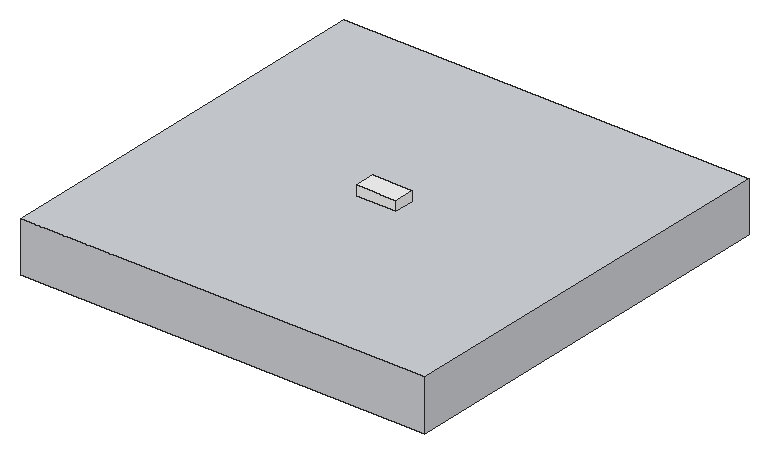
Revit family "URA_Eclairage_de_Securite_URALIFE", category Luminaires, Revit 2020
Family settings
  Hôte = Face
  Cote de connecteur circulaire = Utiliser le diamètre
  Type d'élément = Normal
  Couper avec des vides une fois chargée = Non
  Source d'éclairage = Oui
  Partagée = Non
  Point de calcul de pièce = Non
Parameters (values of type "BAES + DBR URALIFE ADR")
  built-in parameter 1150107 = 3000 (stored number, unit not read)
  TYPE_DE_TENSION = "CA"
  TYPE_DE_MONTAGE = "pose murale en saillie"
  TYPE_DE_COMMUTATION = "mode veille"
  TENSION_NOMINALE_(MIN) = "207"
  TENSION_NOMINALE_(MAX) = "253"
  SOURCE_LUMINEUSE = "LED non interchangeable"
  RESERVE_DE_MARCHE = "1"
  REF_BATTERIE_DE_RECHANGE = "111901"
  REFERENCE_PRE-PLAQUE [instance] = if(PRE PLAQUE BAES & LSC URALIFE, 168801, 0)  # 168801
  REFERENCE_PICTOGRAMME [instance] = if(PORTE PICTROGRAMME URALIFE, 168200, 0)  # 168200
  REFERENCE_GRILLE [instance] = if(NOMBRE_GRILLE = 1, if(GRILLE BAES & LSC URALIFE, 168001, if(GRILLE POUR BAES ET LSC EVACUATION, 168002, if(GRILLE POUR BAES ET LSC, 168003, 168004))), 0)  # 168001
  REFERENCE_EQUERRE [instance] = if(EQUERRE MURALE URALIFE, 168201, 0)  # 168201
  REFERENCE_ARTICLE = 118259
  Wattage = 9.2903 W
  built-in parameter 1150110 = 1 (stored number, unit not read)
  built-in parameter 1150109 = 1 (stored number, unit not read)
  built-in parameter 1114218 = 1 (stored number, unit not read)
  built-in parameter 1150113 = 1 (stored number, unit not read)
  built-in parameter 1150112 = 1 (stored number, unit not read)
  PUISSANCE_DE_LA_LAMPE = "1"
  PROFONDEUR_D'ENCASTREMENT = ""
  PRE PLAQUE BAES & LSC URALIFE [instance] = yes
  PORTE PICTROGRAMME URALIFE [instance] = yes
  NOMBRE_GRILLE [instance] = if(GRILLE BAES & LSC URALIFE, 1, 0) + if(GRILLE POUR BAES ET LSC EVACUATION, 1, 0) + if(GRILLE POUR BAES ET LSC, 1, 0) + if(GRILLE IK BAES & LSC URALIFE, 1, 0)  # 1
  built-in parameter 1150137 = (empty or 0)
  built-in parameter 1150132 = 2
  MATERIAU_DU_COUVERCLE = "plastique transparent"
  MATERIAU_DU_BOITIER = "plastique"
  Longueur = 239 mm
  LONGUEUR_D'ENCASTREMENT = ""
  LONGUEUR = "239.14"
  LARGEUR_DE_MONTAGE = ""
  LARGEUR = "117.9"
  built-in parameter 1150105 = 109.82 (stored number, unit not read)
  built-in parameter 1150102 = (empty or 0)
  INSTALLATION_DE_SURVEILLANCE = "auto-test automatique"
  HAUTEUR/PROFONDEUR = "55.5"
  Dimming Lamp Color Temperature Shift = (empty or 0)
  GRILLE POUR BAES ET LSC EVACUATION [instance] = no
  GRILLE POUR BAES ET LSC [instance] = no
  GRILLE IK BAES & LSC URALIFE [instance] = no
  GRILLE BAES & LSC URALIFE [instance] = yes
  Lumens = 1380 lm
  Color Filter = 16777215
  Fichier de distribution photométrique = "generic"
  built-in parameter 1114217 = 1 (stored number, unit not read)
  built-in parameter 1150139 = (empty or 0)
  FORMAT_PRODUIT = "rectangle"
  FONCTION = "DBR"
  FLUX_LUMINEUX_EN_MODE_D'URGENCE = "45"
  FLUX_LUMINEUX_EFFICACE = ""
  Default Elevation = 1219.2 mm
  built-in parameter 1150104 = 13.8 (stored number, unit not read)
  built-in parameter 1150106 = 1.0982 (stored number, unit not read)
  ETAT_DES_ACCUS = "NiCd"
  EQUERRE MURALE URALIFE [instance] = yes
  built-in parameter 1150115 = 1 (stored number, unit not read)
  built-in parameter 1150114 = 1 (stored number, unit not read)
  DUREE_DE_GARANTIE_BAES_COMPLET = "4"
  DISTANCE_DE_RECONNAISSANCE = "15"
  DIAMETRE_EXTERNE = ""
  DIAMETRE_D'ENCASTREMENT = ""
  DESIGNATION_PRE-PLAQUE [instance] = if([REFERENCE_PRE-PLAQUE] > 0, "PRE-PLAQUE BAES & LSC URALIFE", "NON REFERENCEE")  # "PRE-PLAQUE BAES & LSC URALIFE"
  DESIGNATION_PICTOGRAMME [instance] = if(PORTE PICTROGRAMME URALIFE, "PORTE PICTROGRAMME URALIFE", "0")  # "PORTE PICTROGRAMME URALIFE"
  DESIGNATION_GRILLE [instance] = if(NOMBRE_GRILLE = 1, if(GRILLE BAES & LSC URALIFE, "GRILLE BAES & LSC URALIFE", if(GRILLE POUR BAES ET LSC EVACUATION, "GRILLE POUR BAES ET LSC EVACUATION", if(GRILLE POUR BAES ET LSC, "GRILLE POUR BAES ET LSC", "GRILLE IK BAES & LSC URALIFE"))), "0")  # "GRILLE BAES & LSC URALIFE"
  DESIGNATION_EQUERRE [instance] = if(REFERENCE_EQUERRE > 0, "EQUERRE MURALE URALIFE", "NON REFERENCEE")  # "EQUERRE MURALE URALIFE"
  DESIGNATION_ARTICLE = "BAES + DBR URALIFE ADR"
  built-in parameter 1150138 = (empty or 0)
  built-in parameter 1150134 = (empty or 0)
  Condition Générale d'Utilisation = "https://export.legrand.com/CGU-objets-BIM"
  COULEUR_DU_BOITIER = "blanc"
  CLASSE_DE_PROTECTION_(IP) = "IP43"
  CLASSE_DE_PROTECTION = "II"
  CATEGORIE_PRODUIT = "Autonome"
  built-in parameter 1150142 = (empty or 0)
  Angle de l'inclinaison = 60.00°
  ALIMENTATION = "décentralisé (batterie individuelle)"
  ADAPTE_AU_TYPE_DE_MARQUAGE = "feuillet/plaque inséré(e)"
  built-in parameter 1150133 = 10 (stored number, unit not read)
Types (15, lengths in mm): name | TYPE_DE_TENSION | TYPE_DE_COMMUTATION | TENSION_NOMINALE_(MIN) | TENSION_NOMINALE_(MAX) | RESERVE_DE_MARCHE | REF_BATTERIE_DE_RECHANGE | REFERENCE_ARTICLE | PUISSANCE_DE_LA_LAMPE | Longueur | LONGUEUR | LARGEUR | HAUTEUR/PROFONDEUR | FONCTION | FLUX_LUMINEUX_EN_MODE_D'URGENCE | ETAT_DES_ACCUS | DUREE_DE_GARANTIE_BAES_COMPLET | DESIGNATION_ARTICLE | CATEGORIE_PRODUIT | ALIMENTATION | ADAPTE_AU_TYPE_DE_MARQUAGE
  BAEH URALIFE S.SATI | "CA" | "mode veille" | "207" | "253" | "5" | "111901" | 118138 | "0.04" | 239 | "239.14" | "117.9" | "55.5" | "BAEH" | "8" | "NiCd" | "4" | "BAEH URALIFE S.SATI" | "Autonome" | "décentralisé (batterie individuelle)" | "feuillet/plaque inséré(e)"
  BAEH URALIFE ADR | "CA" | "mode veille" | "207" | "253" | "5" | "111901" | 118139 | "0.04" | 239 | "239.14" | "117.9" | "55.5" | "BAEH" | "8" | "NiCd" | "4" | "BAEH URALIFE ADR" | "Autonome" | "décentralisé (batterie individuelle)" | "feuillet/plaque inséré(e)"
  BAES URALIFE EVAC S.SATI | "CA" | "mode veille" | "207" | "253" | "1" | "111901" | 118218 | "0.6" | 239 | "239.14" | "117.9" | "55.5" | "Evac" | "45" | "NiCd" | "4" | "BAES URALIFE EVAC S.SATI" | "Autonome" | "décentralisé (batterie individuelle)" | "feuillet/plaque inséré(e)"
  BAES URALIFE EVAC ADR | "CA" | "mode veille" | "207" | "253" | "1" | "111901" | 118219 | "0.6" | 239 | "239.14" | "117.9" | "55.5" | "Evac" | "45" | "NiCd" | "4" | "BAES URALIFE EVAC ADR" | "Autonome" | "décentralisé (batterie individuelle)" | "feuillet/plaque inséré(e)"
  BAES URALIFE AMB S.SATI | "CA" | "mode veille" | "207" | "253" | "1" | "2*111902" | 118228 | "4" | 289 | "289.05" | "118.25" | "58.5" | "Amb" | "400" | "NiCd" | "4" | "BAES URALIFE AMB S.SATI" | "Autonome" | "décentralisé (batterie individuelle)" | ""
  BAES URALIFE AMB ADR | "CA" | "mode veille" | "207" | "253" | "1" | "2*111902" | 118229 | "6.6" | 289 | "289.05" | "118.25" | "58.5" | "Amb" | "400" | "NiCd" | "4" | "BAES URALIFE AMB ADR" | "Autonome" | "décentralisé (batterie individuelle)" | ""
  BAES AMB PERMANENT SATI ADR | "CA" | "mode veille" | "207" | "253" | "1" | "2*111902" | 118239 | "6" | 239 | "261.2" | "164.5" | "57" | "Amb" | "450" | "NiCd" | "2" | "BAES AMB PERMANENT SATI ADR" | "Autonome" | "décentralisé (batterie individuelle)" | ""
  BAES + BAEH URALIFE S.SATI | "CA" | "mode veille" | "207" | "253" | "1" | "2*111901" | 118248 | "0.8" | 239 | "239.14" | "117.9" | "55.5" | "BAES+BAEH" | "45" | "NiCd" | "4" | "BAES + BAEH URALIFE S.SATI" | "Autonome" | "décentralisé (batterie individuelle)" | "feuillet/plaque inséré(e)"
  BAES + BAEH URALIFE ADR | "CA" | "mode veille" | "207" | "253" | "1" | "2*111901" | 118249 | "0.8" | 239 | "239.14" | "117.9" | "55.5" | "BAES+BAEH" | "45" | "NiCd" | "4" | "BAES + BAEH URALIFE ADR" | "Autonome" | "décentralisé (batterie individuelle)" | "feuillet/plaque inséré(e)"
  BAES + DBR URALIFE SATI | "CA" | "mode veille" | "207" | "253" | "1" | "111901" | 118257 | "1" | 239 | "239.14" | "117.9" | "55.5" | "DBR" | "45" | "NiCd" | "4" | "BAES + DBR URALIFE SATI" | "Autonome" | "décentralisé (batterie individuelle)" | "feuillet/plaque inséré(e)"
  BAES + DBR URALIFE ADR | "CA" | "mode veille" | "207" | "253" | "1" | "111901" | 118259 | "1" | 239 | "239.14" | "117.9" | "55.5" | "DBR" | "45" | "NiCd" | "4" | "BAES + DBR URALIFE ADR" | "Autonome" | "décentralisé (batterie individuelle)" | "feuillet/plaque inséré(e)"
  LSC URALIFE EVAC 110/220/230 | "CA/CC" | "circuit permanent/circuit de secours" | "110" | "230" | "" | "" | 128214 | "0.8" | 239 | "239.14" | "117.9" | "55.5" | "Evac" | "45" | "non applicable" | "4" | "LSC URALIFE EVAC 110/220/230" | "LSC" | "central (batterie centrale)" | "feuillet/plaque inséré(e)"
  LSC URALIFE AMB 110/220/230 | "CA/CC" | "circuit permanent/circuit de secours" | "110" | "230" | "" | "" | 128224 | "6.6" | 289 | "289.05" | "118.25" | "58.5" | "Amb" | "400" | "non applicable" | "4" | "LSC URALIFE AMB 110/220/230" | "LSC" | "central (batterie centrale)" | ""
  LSC URALIFE EVAC 24/48 | "CC" | "circuit permanent/circuit de secours" | "24" | "48" | "" | "" | 128215 | "0.8" | 239 | "239.14" | "117.9" | "55.5" | "Evac" | "45" | "non applicable" | "4" | "LSC URALIFE EVAC 24/48" | "LSC" | "central (batterie centrale)" | "feuillet/plaque inséré(e)"
  LSC URALIFE AMB 24/48 | "CC" | "circuit permanent/circuit de secours" | "24" | "48" | "" | "" | 128225 | "6.6" | 289 | "289.05" | "118.25" | "58.5" | "Amb" | "400" | "non applicable" | "4" | "LSC URALIFE AMB 24/48" | "LSC" | "central (batterie centrale)" | ""
Reference planes
  plane 1 "Centre (avant/arrière)": y = 0
  plane 2: z = 0
  plane 3 "Centre (gauche/droite)": x = 0
  plane 4: x = -119.5
  plane 5: y = 60
  plane 6: y = -60
  plane 7: x = 119.5
Forms (mm)
  Extrusion 1, solid
    sketch origin (0, 0, 0) x (1, 0, 0) y (0, 1, 0)
      loop
        line (-1219.2, 1219.2) -> (-1219.2, -1219.2) -> (1219.2, -1219.2) -> (1219.2, 1219.2) -> (-1219.2, 1219.2)
    from 0 to -304.8
  Extrusion 2, solid, material "Blanc"
    sketch origin (0, 0, 0) x (1, 0, 0) y (0, 1, 0)
      loop
        line (-119.5, 60) -> (-119.5, -60) -> (119.5, -60) -> (119.5, 60) -> (-119.5, 60)
    from 0 to 59
Dimensions and locks
  equal spacing: plane 4, plane 3 "Centre (gauche/droite)", plane 7
  equal spacing: plane 5, plane 1 "Centre (avant/arrière)", plane 6
  locked: plane 5 to plane 6 at 120
  "Longueur": plane 4 to plane 7
  aligned and locked: plane 2 to Extrusion 1
  aligned and locked: level to Extrusion 1
  aligned and locked: Extrusion 2 sketch curve to plane 5
  aligned and locked: plane 4 to Extrusion 2 sketch curve
  aligned and locked: plane 6 to Extrusion 2 sketch curve
  aligned and locked: Extrusion 2 sketch curve to plane 7
Automatic sketch dimensions
  Extrusion 1 sketch curve to Extrusion 1 sketch curve = 2438.4 mm  (x2)
Nested families
  nested 1: "168200_E FB" at (0, 0, 59), visible <- "PORTE PICTROGRAMME URALIFE", type "168200_E FB"
Connectors
  electrical at (0, 0, 0)
    settings: on Extrusion 2, index 1, voltage 0 V, apparent load 0 VA, apparent load phase1 0 VA, apparent load phase2 0 VA, apparent load phase3 0 VA, power factor 1, load classification "Autre", number of poles 1, system type 31, power factor state 1, is connector primary yes, connector utility no, sub classification motor no, connector description ""
Definition of nested family "168200_E FB"
  Reference planes
    plane 1 "Centre (avant/arrière)": y = 0
    plane 2: z = 0
    plane 3 "Centre (gauche/droite)": x = 0
  Lines and regions (mm)
    Filled region 1, type "Vert", in view "Niveau de réf."
      outline origin (0, 0, 0) x (1, 0, 0) y (0, 1, 0)
        loop
          line (103, 52.5) -> (-103, 52.5) -> (-103, -52.5) -> (103, -52.5) -> (103, 52.5)
        loop
          line (-55.764, -17.192) -> (-54.258, -2.924)
          arc (-54.258, -2.924) -> (-53.67, -0.127) -> (-52.526, 2.492) r 14.01
          line (-52.526, 2.492) -> (-46.619, 13.858) -> (-54.969, 13.858) -> (-61.32, 4.268)
          arc (-61.32, 4.268) -> (-63.003, 3.286) -> (-64.91, 3.681) r 2.72
          arc (-64.91, 3.681) -> (-66.064, 5.25) -> (-65.874, 7.188) r 2.72
          line (-65.874, 7.188) -> (-58.609, 18.22)
          arc (-58.609, 18.22) -> (-56.855, 19.498) -> (-54.744, 19.996) r 5.487
          line (-54.744, 19.996) -> (-39.865, 19.996)
          arc (-39.865, 19.996) -> (-34.742, 18.943) -> (-30.449, 15.956) r 12.993
          line (-30.449, 15.956) -> (-23.876, 6.544) -> (-18.037, 6.544) -> (-18.037, 39.828) -> (-69.649, 39.828) -> (-69.649, -17.729) -> (-56.361, -17.729)
          arc (-56.361, -17.729) -> (-55.959, -17.575) -> (-55.764, -17.192) r 0.6
        loop
          line (-33.545, 9.289) -> (-38.719, -1.401)
          arc (-38.719, -1.401) -> (-39.127, -3.31) -> (-38.608, -5.191) r 4.103
          line (-38.608, -5.191) -> (-25.689, -36.865) -> (-25.689, -42.797) -> (-18.037, -42.797) -> (-18.037, 0.323) -> (-24.378, 0.323)
          arc (-24.378, 0.323) -> (-25.524, 0.582) -> (-26.448, 1.308) r 2.667
          line (-26.448, 1.308) -> (-32.608, 9.289)
          arc (-32.608, 9.289) -> (-33.076, 9.519) -> (-33.545, 9.289) r 0.591
        loop
          line (-46.988, -8.295) -> (-49.44, -22.395)
          arc (-49.44, -22.395) -> (-50.455, -23.804) -> (-52.106, -24.343) r 2.799
          line (-52.106, -24.343) -> (-69.649, -24.343) -> (-69.649, -42.797) -> (-32.438, -42.797) -> (-32.438, -36.837) -> (-45.784, -8.295)
          arc (-45.784, -8.295) -> (-45.993, -7.932) -> (-46.386, -7.789) r 0.611
          arc (-46.386, -7.789) -> (-46.78, -7.932) -> (-46.988, -8.295) r 0.611
        loop
          arc (-33.79, 21.259) -> (-29.968, 22.843) -> (-28.385, 26.665) r 5.406
          arc (-28.385, 26.665) -> (-29.968, 30.487) -> (-33.79, 32.071) r 5.406
          arc (-33.79, 32.071) -> (-37.613, 30.487) -> (-39.196, 26.665) r 5.406
          arc (-39.196, 26.665) -> (-37.613, 22.843) -> (-33.79, 21.259) r 5.406
        loop
          line (80.026, -13.514) -> (80.026, 13.514) -> (59.755, -4.113) -> (59.755, 40.542) -> (38.132, 40.542) -> (38.132, -4.113) -> (17.861, 13.514) -> (17.861, -13.514) -> (48.944, -40.542) -> (80.026, -13.514)
    model lines, in view "Niveau de réf."
      curve 1: arc (-33.79, 32.071, 0) -> (-29.968, 30.487, 0) -> (-28.385, 26.665, 0) r 5.406
      curve 2: arc (-28.385, 26.665, 0) -> (-29.968, 22.843, 0) -> (-33.79, 21.259, 0) r 5.406
      curve 3: arc (-33.79, 21.259, 0) -> (-37.613, 22.843, 0) -> (-39.196, 26.665, 0) r 5.406
      curve 4: arc (-39.196, 26.665, 0) -> (-37.613, 30.487, 0) -> (-33.79, 32.071, 0) r 5.406
      curve 5: arc (-52.526, 2.492, 0) -> (-53.67, -0.127, 0) -> (-54.258, -2.924, 0) r 14.01
      curve 6: arc (-64.91, 3.681, 0) -> (-63.003, 3.286, 0) -> (-61.32, 4.268, 0) r 2.72
      curve 7: arc (-65.874, 7.188, 0) -> (-66.064, 5.25, 0) -> (-64.91, 3.681, 0) r 2.72
      curve 8: arc (-54.744, 19.996, 0) -> (-56.855, 19.498, 0) -> (-58.609, 18.22, 0) r 5.487
      curve 9: arc (-30.449, 15.956, 0) -> (-34.742, 18.943, 0) -> (-39.865, 19.996, 0) r 12.993
      curve 10: arc (-26.448, 1.308, 0) -> (-25.524, 0.582, 0) -> (-24.378, 0.323, 0) r 2.667
      curve 11: arc (-32.608, 9.289, 0) -> (-32.816, 9.458, 0) -> (-33.076, 9.519, 0) r 0.591
      curve 12: arc (-33.076, 9.519, 0) -> (-33.337, 9.458, 0) -> (-33.545, 9.289, 0) r 0.591
      curve 13: arc (-38.719, -1.401, 0) -> (-39.127, -3.31, 0) -> (-38.608, -5.191, 0) r 4.103
      curve 14: arc (-45.784, -8.295, 0) -> (-45.993, -7.932, 0) -> (-46.386, -7.789, 0) r 0.611
      curve 15: arc (-46.386, -7.789, 0) -> (-46.78, -7.932, 0) -> (-46.988, -8.295, 0) r 0.611
      curve 16: arc (-52.106, -24.343, 0) -> (-50.455, -23.804, 0) -> (-49.44, -22.395, 0) r 2.799
      curve 17: line (-55.764, -17.192, 0) -> (-54.258, -2.924, 0)
      curve 18: line (-52.526, 2.492, 0) -> (-46.619, 13.858, 0)
      curve 19: line (-46.619, 13.858, 0) -> (-54.969, 13.858, 0)
      curve 20: line (-54.969, 13.858, 0) -> (-61.32, 4.268, 0)
      curve 21: line (-65.874, 7.188, 0) -> (-58.609, 18.22, 0)
      curve 22: line (-54.744, 19.996, 0) -> (-39.865, 19.996, 0)
      curve 23: line (-30.449, 15.956, 0) -> (-23.876, 6.544, 0)
      curve 24: line (-23.876, 6.544, 0) -> (-18.037, 6.544, 0)
      curve 25: line (-18.037, 6.544, 0) -> (-18.037, 39.828, 0)
      curve 26: line (-18.037, 39.828, 0) -> (-69.649, 39.828, 0)
      curve 27: line (-52.106, -24.343, 0) -> (-69.649, -24.343, 0)
      curve 28: line (-69.649, -24.343, 0) -> (-69.649, -42.797, 0)
      curve 29: line (-69.649, -42.797, 0) -> (-32.438, -42.797, 0)
      curve 30: line (-18.037, -42.797, 0) -> (-18.037, 0.323, 0)
      curve 31: line (-18.037, 0.323, 0) -> (-24.378, 0.323, 0)
      curve 32: line (-26.448, 1.308, 0) -> (-32.608, 9.289, 0)
      curve 33: line (-33.545, 9.289, 0) -> (-38.719, -1.401, 0)
      curve 34: line (-38.608, -5.191, 0) -> (-25.689, -36.865, 0)
      curve 35: line (-32.438, -36.837, 0) -> (-45.784, -8.295, 0)
      curve 36: line (-46.988, -8.295, 0) -> (-49.44, -22.395, 0)
      curve 37: line (-69.649, -17.729, 0) -> (-56.361, -17.729, 0)
      curve 38: line (48.944, -40.542, 0) -> (80.026, -13.514, 0)
      curve 39: line (80.026, -13.514, 0) -> (80.026, 13.514, 0)
      curve 40: line (80.026, 13.514, 0) -> (59.755, -4.113, 0)
      curve 41: line (59.755, -4.113, 0) -> (59.755, 40.542, 0)
      curve 42: line (59.755, 40.542, 0) -> (38.132, 40.542, 0)
      curve 43: line (38.132, 40.542, 0) -> (38.132, -4.113, 0)
      curve 44: line (38.132, -4.113, 0) -> (17.861, 13.514, 0)
      curve 45: line (17.861, 13.514, 0) -> (17.861, -13.514, 0)
      curve 46: line (17.861, -13.514, 0) -> (48.944, -40.542, 0)
      curve 47: line (103, -52.5, 0) -> (103, 52.5, 0)
      curve 48: line (103, 52.5, 0) -> (-103, 52.5, 0)
      curve 49: line (-103, 52.5, 0) -> (-103, -52.5, 0)
      curve 50: line (-103, -52.5, 0) -> (103, -52.5, 0)
      curve 51: line (-69.649, -17.729, 0) -> (-69.649, 39.828, 0)
      curve 52: line (-32.438, -36.837, 0) -> (-32.438, -42.797, 0)
      curve 53: line (-25.689, -36.865, 0) -> (-25.689, -42.797, 0)
      curve 54: line (-25.689, -42.797, 0) -> (-18.037, -42.797, 0)
    detail lines, in view "Niveau de réf."
      curve 55: arc (-56.361, -17.729, 0) -> (-55.959, -17.575, 0) -> (-55.764, -17.192, 0) r 0.6
